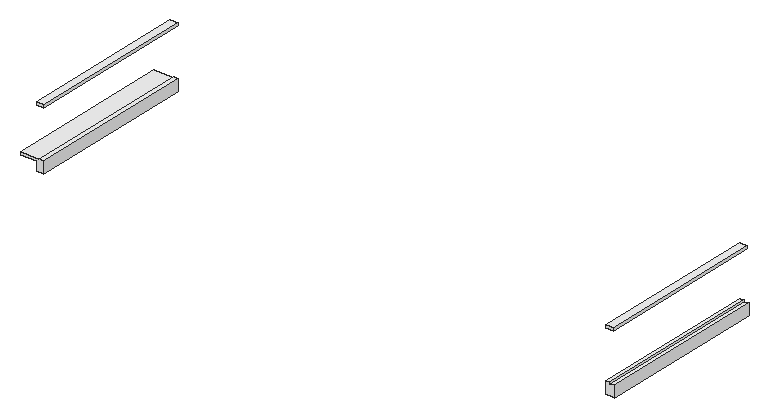
Revit family "CT_Bloco_D_Viga_Perfil_Transversal", category Structural Framing, Revit 2025
Family settings
  Display in Hidden Views = Edges Hidden by Other Members
  Structural Framing Length Roundoff = 0.000 m
  Section Shape = Not Defined
  Material for Model Behavior = Concrete
  Always export as geometry = No
  Work Plane-Based = No
  Always vertical = Yes
  Cut with Voids When Loaded = Yes
  Symbolic Representation = From Family
  Shared = No
  Show family pre-cut in plan views = Yes
Parameters (values of type "VIG_BLC_CON_PRF")
  Structural Material [instance] = CT_Concreto
  Material_Vigas_Janela [instance] = CT_Concreto
  Comprimento_Modulo [instance] = 7.500 m
  Recuar_Brise [instance] = 0.000 m
Reference planes (m)
  plane 1 "Centro (Frente/Trás)": y = 0
  plane 2: z = 0
  plane 3 "Centro (Esquerda/Direita)": x = 0
  plane 4: x = -15.9999
  plane 5: x = 9.1749
  plane 6: z = 4.76
  plane 7: z = 9.16
  plane 8: y = -7.5
  plane 9: y = 0
Forms (m)
  Extrusion 1, solid, material "CT_Concreto" <- "Material_Vigas_Janela"
    sketch origin (0, 0, 0.06) x (1, 0, 0) y (0, 0, 1)
      loop
        line (-15.9999, 4.7) -> (-16.1999, 4.7) -> (-16.1999, 4.65) -> (-17.0749, 4.65) -> (-17.0749, 4.55) -> (-16.3499, 4.55) -> (-16.3499, 4.19) -> (-16.3499, 4.15) -> (-15.9999, 4.15) -> (-15.9999, 4.7)
      loop
        line (9.5749, 4.15) -> (9.5749, 4.65) -> (9.3749, 4.65) -> (9.3749, 4.7) -> (9.1749, 4.7) -> (9.1749, 4.15) -> (9.5749, 4.15)
    from 0 to 7.5
  Extrusion 2, solid, material "CT_Concreto" <- "Material_Vigas_Janela"
    sketch origin (0, 0, 0.06) x (1, 0, 0) y (0, 0, 1)
      loop
        line (-15.9999, 6.92) -> (-16.3499, 6.92) -> (-16.3499, 6.82) -> (-15.9999, 6.82) -> (-15.9999, 6.92)
      loop
        line (9.5249, 6.92) -> (9.1749, 6.92) -> (9.1749, 6.82) -> (9.5249, 6.82) -> (9.5249, 6.92)
    from 0 to 7.5
Dimensions and locks (m)
  locked: plane 5 to plane 4 at 25.1748
  locked: plane 6 to level at 4.76
  locked: plane 7 to plane 6 at 4.4
  "Comprimento_Modulo": plane 8 to plane 1 "Centro (Frente/Trás)"
  "Recuar_Brise": plane 1 "Centro (Frente/Trás)" to plane 9
  aligned and locked: level to plane 2
  aligned and locked: Extrusion 1 to plane 1 "Centro (Frente/Trás)"
  aligned and locked: plane 1 "Centro (Frente/Trás)" to Extrusion 1
  aligned and locked: Extrusion 1 to plane 8
  aligned and locked: plane 9 to Extrusion 2
  aligned and locked: Extrusion 2 to plane 8
Automatic sketch dimensions
  Extrusion 1 sketch curve to plane 6 = 0.000 m  (x2)
  Extrusion 1 sketch curve to plane 4 = 0.000 m
  Extrusion 1 sketch curve to plane 5 = 0.000 m
  Extrusion 1 sketch curve to plane 6 = 0.050 m  (x2)
  Extrusion 1 sketch curve to plane 4 = 0.200 m
  Extrusion 1 sketch curve to plane 4 = 0.350 m
  Extrusion 1 sketch curve to plane 6 = 0.150 m
  Extrusion 1 sketch curve to Extrusion 1 sketch curve = 0.725 m
  Extrusion 1 sketch curve to Extrusion 1 sketch curve = 0.200 m  (x2)
  Extrusion 1 sketch curve to Extrusion 1 sketch curve = 0.360 m
  Extrusion 1 sketch curve to Extrusion 1 sketch curve = 0.500 m
  Extrusion 1 sketch curve to Extrusion 1 sketch curve = 0.040 m
  Extrusion 2 sketch curve to plane 4 = 0.000 m
  Extrusion 2 sketch curve to plane 5 = 0.000 m
  Extrusion 2 sketch curve to Extrusion 2 sketch curve = 0.350 m  (x2)
  plane 6 to Extrusion 2 sketch curve = 2.120 m  (x2)
  Extrusion 2 sketch curve to Extrusion 2 sketch curve = 0.100 m  (x2)
